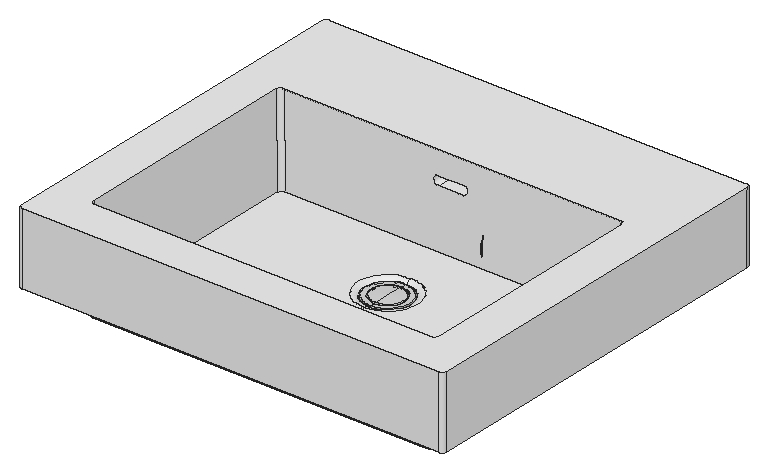
Revit family "Reece_Basin_Kado_Lux_Semi Inset_with Overflow_475 mm", category Plumbing Fixtures, host Face, Revit 2018
Family settings
  Host = Face
  Round Connector Dimension = Use Diameter
  Part Type = Normal
  Cut with Voids When Loaded = No
  Shared = Yes
  Room Calculation Point = Yes
Parameters (values of type "1 Taphole_Fine Fire Clay Ceramic_White")
  WFU = 0  # constant formula
  URL = "https://www.reece.com.au/product/-9507797"
  Type Comments = "Basin"
  Reece_Product_Web Page = "https://www.reece.com.au/product/-9507797"
  Reece_Product_Type = "Basin"  # constant formula
  Reece_Product_Sub Brand = "Lux"  # constant formula
  Reece_Product_Number = "9507797"
  Reece_Product_Mount = "Inset"  # constant formula
  Reece_Product_Description = "Kado Lux Semi Inset Basin 1 Taphole with Overflow White"
  Reece_Product_Brand = "Kado"  # constant formula
  Reece_Overall_Width = 475 mm  # constant formula
  Reece_Overall_Length = 430 mm  # constant formula
  Reece_Overall_Height = 80 mm  # constant formula
  Reece_Overall_Capacity = 7.00 L  # constant formula
  Reece_Material_Secondary = Reece_Brass_Chrome
  Reece_Material_Main = Reece_Acrylic_White
  Reece_Detail_Installation = "\tSemi Inset Basin"  # constant formula
  Reece_Detail_Disclaimer = "THIS FILE IS THE PROPERTY OF THE REECE GROUP. IT MAY NOT BE REPRODUCED, REVERSE-ENGINEERED, OR MODIFIED. ANY REPUBLICATION, TRANSMISSION, OR DISTRIBUTION FOR THE PURPOSE OF COMMERCIALLY EXPLOITING THE FILES IS PROHIBITED."  # constant formula
  Reece_Detail_Connector = "1 Taphole"  # constant formula
  Reece_Detail_Additional = "Integrated Overflow"  # constant formula
  Reece_Basin_Taphole 1 = yes
  Reece_Basin_Supply Diameter 1 = 35 mm  # constant formula
  Reece_Basin_Outlet = 40 mm  # constant formula
  Model = "Lux"
  Manufacturer = "Kado"
  Keynote = "Product #9507797, Reece_Basin_Kado_Lux_Semi Inset_with Overflow_475 mm - 1 Taphole_Fine Fire Clay Ceramic_White"
  HWFU = 0  # constant formula
  Disclaimer = "THIS FILE IS THE PROPERTY OF THE REECE GROUP. IT MAY NOT BE REPRODUCED, REVERSE-ENGINEERED, OR MODIFIED. ANY REPUBLICATION, TRANSMISSION, OR DISTRIBUTION FOR THE PURPOSE OF COMMERCIALLY EXPLOITING THE FILES IS PROHIBITED."  # constant formula
  Description = "Kado Lux Semi Inset Basin 1 Taphole with Overflow White"
  Default Elevation = 1000 mm
  CWFU = 0  # constant formula
Reference planes
  plane 1 "Center (Front/Back)": y = -79.125
  plane 2 "Bottom": z = 0
  plane 3 "Center (Left/Right)": x = 0
  plane 4: y = 135.875
  plane 5: x = 237.5
  plane 6: x = -237.5
  plane 7: y = -294.125
  plane 8: x = 0
  plane 9: z = 80
  plane 10: z = -70
Forms (mm)
  Extrusion 1, solid, material "Reece_Acrylic_White" <- "Reece_Material_Main"
    sketch origin (0, 0, 0) x (1, 0, 0) y (0, 1, 0)
      loop
        line (-237.5, 130.875) -> (-237.5, -289.125)
        arc (-237.5, -289.125) -> (-236.036, -292.66) -> (-232.5, -294.125) r 5
        line (-232.5, -294.125) -> (232.5, -294.125)
        arc (232.5, -294.125) -> (236.036, -292.66) -> (237.5, -289.125) r 5
        line (237.5, -289.125) -> (237.5, 130.875)
        arc (237.5, 130.875) -> (236.036, 134.411) -> (232.5, 135.875) r 5
        line (232.5, 135.875) -> (-232.5, 135.875)
        arc (-232.5, 135.875) -> (-236.036, 134.411) -> (-237.5, 130.875) r 5
    from 0 to 80
  Blend 2, void
    base sketch origin (3, 0, 0) x (1, 0, 0) y (0, 1, 0)
      loop
        line (-191, 5.875) -> (-191, -239.125)
        arc (-191, -239.125) -> (-189.536, -242.66) -> (-186, -244.125) r 5
        line (-186, -244.125) -> (180, -244.125)
        arc (180, -244.125) -> (183.536, -242.66) -> (185, -239.125) r 5
        line (185, -239.125) -> (185, 5.875)
        arc (185, 5.875) -> (183.536, 9.411) -> (180, 10.875) r 5
        line (180, 10.875) -> (-186, 10.875)
        arc (-186, 10.875) -> (-189.536, 9.411) -> (-191, 5.875) r 5
    top sketch origin (3, 0, 0) x (1, 0, 0) y (0, 1, 0)
      loop
        line (-196, 10.875) -> (-196, -244.125)
        arc (-196, -244.125) -> (-194.536, -247.66) -> (-191, -249.125) r 5
        line (-191, -249.125) -> (185, -249.125)
        arc (185, -249.125) -> (188.536, -247.66) -> (190, -244.125) r 5
        line (190, -244.125) -> (190, 10.875)
        arc (190, 10.875) -> (188.536, 14.411) -> (185, 15.875) r 5
        line (185, 15.875) -> (-191, 15.875)
        arc (-191, 15.875) -> (-194.536, 14.411) -> (-196, 10.875) r 5
    from -19 to 80
  Extrusion 3, void
    sketch origin (0, 0, 0) x (1, 0, 0) y (0, 1, 0)
      loop
        line (232.5, 135.875) -> (-232.5, 135.875)
        arc (-232.5, 135.875) -> (-236.036, 134.411) -> (-237.5, 130.875) r 5
        line (-237.5, 130.875) -> (-237.5, -289.125)
        arc (-237.5, -289.125) -> (-236.036, -292.66) -> (-232.5, -294.125) r 5
        line (-232.5, -294.125) -> (232.5, -294.125)
        arc (232.5, -294.125) -> (236.036, -292.66) -> (237.5, -289.125) r 5
        line (237.5, -289.125) -> (237.5, 130.875)
        arc (237.5, 130.875) -> (236.036, 134.411) -> (232.5, 135.875) r 5
    from 80 to -70
  Blend 4, solid, material "Reece_Acrylic_White" <- "Reece_Material_Main"
    base sketch origin (0, 0, 0) x (1, 0, 0) y (0, 1, 0)
      loop
        line (183, 20.875) -> (-183, 20.875)
        arc (-183, 20.875) -> (-193.607, 16.482) -> (-198, 5.875) r 15
        line (-198, 5.875) -> (-198, -239.125)
        arc (-198, -239.125) -> (-193.607, -249.731) -> (-183, -254.125) r 15
        line (-183, -254.125) -> (183, -254.125)
        arc (183, -254.125) -> (193.607, -249.731) -> (198, -239.125) r 15
        line (198, -239.125) -> (198, 5.875)
        arc (198, 5.875) -> (193.607, 16.482) -> (183, 20.875) r 15
    top sketch origin (0, 0, 0) x (1, 0, 0) y (0, 1, 0)
      loop
        arc (-188, 25.875) -> (-198.607, 21.482) -> (-203, 10.875) r 15
        line (-203, 10.875) -> (-203, -244.125)
        arc (-203, -244.125) -> (-198.607, -254.731) -> (-188, -259.125) r 15
        line (-188, -259.125) -> (188, -259.125)
        arc (188, -259.125) -> (198.607, -254.731) -> (203, -244.125) r 15
        line (203, -244.125) -> (203, 10.875)
        arc (203, 10.875) -> (198.607, 21.482) -> (188, 25.875) r 15
        line (188, 25.875) -> (-188, 25.875)
    from -30 to 80
  Revolve 5, void
    sketch origin (0, 0, -21.397) x (0, 1, 0) y (0, 0, 1)
      loop
        line (-74.125, 35) -> (-74.125, -48.603) -> (-49.125, -48.603) -> (-49.125, -1.603) -> (-48.054, -0.532)
        arc (-48.054, -0.532) -> (-44.809, 1.636) -> (-40.983, 2.397) r 10
        line (-40.983, 2.397) -> (-27.392, 2.397) -> (-27.392, 35) -> (-74.125, 35)
      axis (-74.125, 35) -> (-74.125, -48.603)
    angle from 0 to 360
  Revolve 6, solid, material "Reece_Brass_Chrome" <- "Reece_Material_Secondary"
    sketch origin (0, 0, -23.011) x (0, 1, 0) y (0, 0, 1)
      loop
        line (-96.459, -1.603) -> (-74.125, -1.603) -> (-74.125, 2.71)
        arc (-74.125, 2.71) -> (-82.783, 2.552) -> (-91.414, 1.852) r 137.99
        arc (-91.414, 1.852) -> (-91.921, 1.59) -> (-92.125, 1.057) r 0.8
        line (-92.125, 1.057) -> (-92.125, 0.264) -> (-93.125, 0.264) -> (-93.125, 1.769) -> (-98.625, 1.769)
        arc (-98.625, 1.769) -> (-99.087, 1.461) -> (-98.978, 0.916) r 0.5
        line (-98.978, 0.916) -> (-96.459, -1.603)
      axis (-74.125, 2.71) -> (-74.125, -1.603)
    angle from 0 to 360
  Revolve 7, solid, material "Reece_Acrylic_White" <- "Reece_Material_Main"
    sketch origin (0, 0, 0) x (0, 1, 0) y (0, 0, 1)
      loop
        line (-74.125, -30) -> (-104.125, -30) -> (-104.125, -67.5)
        arc (-104.125, -67.5) -> (-103.392, -69.268) -> (-101.625, -70) r 2.5
        line (-101.625, -70) -> (-74.125, -70) -> (-74.125, -30)
      axis (-74.125, -70) -> (-74.125, -30)
    angle from 0 to 360
  Extrusion 8, void
    sketch origin (0, 0, 0) x (1, 0, 0) y (0, 1, 0)
      loop
        line (222.5, 125.875) -> (-222.5, 125.875)
        arc (-222.5, 125.875) -> (-226.036, 124.411) -> (-227.5, 120.875) r 5
        line (-227.5, 120.875) -> (-227.5, -279.125)
        arc (-227.5, -279.125) -> (-226.036, -282.66) -> (-222.5, -284.125) r 5
        line (-222.5, -284.125) -> (222.5, -284.125)
        arc (222.5, -284.125) -> (226.036, -282.66) -> (227.5, -279.125) r 5
        line (227.5, -279.125) -> (227.5, 120.875)
        arc (227.5, 120.875) -> (226.036, 124.411) -> (222.5, 125.875) r 5
      loop
        line (184.364, 22.239) -> (-184.364, 22.239)
        arc (-184.364, 22.239) -> (-194.97, 17.846) -> (-199.364, 7.239) r 15
        line (-199.364, 7.239) -> (-199.364, -240.488)
        arc (-199.364, -240.488) -> (-194.97, -251.095) -> (-184.364, -255.488) r 15
        line (-184.364, -255.488) -> (184.364, -255.488)
        arc (184.364, -255.488) -> (194.97, -251.095) -> (199.364, -240.488) r 15
        line (199.364, -240.488) -> (199.364, 7.239)
        arc (199.364, 7.239) -> (194.97, 17.846) -> (184.364, 22.239) r 15
    from 0 to 70
  Sweep 9, solid, material "Reece_Acrylic_White" <- "Reece_Material_Main"
    path origin (0, 0, 0) x (0, 1, 0) y (0, 0, 1)
      loop
        line (-52.522, -45.326) -> (15.452, -42.952)
        arc (15.452, -42.952) -> (28.822, -37.181) -> (34.733, -23.873) r 20
        line (34.733, -23.873) -> (39.149, 73.276)
    profile origin (0, 36.941, 24.702) x (0, -0.998969, 0.045408) y (1, 0, 0)
      loop
        line (19.625, -22.504) -> (19.625, 22.504) -> (2.815, 19.503)
        arc (2.815, 19.503) -> (-0.206, 18.172) -> (-2.281, 15.604) r 6.997
        arc (-2.281, 15.604) -> (-3.402, 14.075) -> (-5.012, 13.072) r 5
        arc (-5.012, 13.072) -> (-14, 0) -> (-5.012, -13.072) r 14
        arc (-5.012, -13.072) -> (-3.402, -14.075) -> (-2.281, -15.604) r 5
        arc (-2.281, -15.604) -> (-0.206, -18.172) -> (2.815, -19.503) r 6.997
        line (2.815, -19.503) -> (19.625, -22.504)
  Extrusion 10, void
    sketch origin (0, -79.125, 0) x (1, 0, 0) y (0, 0, 1)
      loop
        line (-14, 45) -> (14, 45)
        arc (14, 45) -> (19, 50) -> (14, 55) r 5
        line (14, 55) -> (-14, 55)
        arc (-14, 55) -> (-19, 50) -> (-14, 45) r 5
    from -109.339 to -92.409
  Revolve 11, void
    sketch origin (0, 0, 0) x (0, 1, 0) y (0, 0, 1)
      loop
        line (-74.125, 2.457) -> (-99.125, 2.457) -> (-99.125, -70) -> (-74.125, -70) -> (-74.125, 2.457)
      axis (-74.125, 2.457) -> (-74.125, -70)
    angle from 0 to 360
  Sweep 12, void
    path origin (0, 0, 0) x (0, 1, 0) y (0, 0, 1)
      loop
        line (-56.009, -45.219) -> (16.885, -42.673)
        arc (16.885, -42.673) -> (30.255, -36.902) -> (36.167, -23.594) r 20
        line (36.167, -23.594) -> (40.026, 61.319)
    profile origin (0, -19.562, -43.946) x (0, -0.034899, 0.999391) y (1, 0, 0)
      loop
        circle (0, 0) r 11.5
Cuts and joins
  Blend 2, Revolve 5, Extrusion 8, Extrusion 10, Revolve 11, Sweep 12 cuts Extrusion 1
  Blend 2, Revolve 5, Extrusion 10, Revolve 11, Sweep 12 cuts Blend 4
  Extrusion 10, Revolve 11, Sweep 12 cuts Revolve 7
  Extrusion 10, Revolve 11, Sweep 12 cuts Sweep 9
  joined: Extrusion 1, Blend 4, Revolve 7, Sweep 9
Lines and regions (mm)
  model lines, style "PlumbingFixtures", visible <- "Reece_Basin_Taphole 1"
    curve 1: circle (0, 75.875, 80) r 15 normal (0, 0, 1)
Text (mm)
  text "Reece ©" at (-1108.834, -679.227, 0), in view "Ref. Level"
  text "Reece ©" at (44.384, 258.95, 192.345), in view "Reece Preview"
Dimensions and locks
  equal spacing: plane 6, plane 3 "Center (Left/Right)", plane 5
  "Reece_Overall_Width": plane 6 to plane 5
  "Reece_Overall_Length": plane 4 to plane 7
  equal spacing: plane 4, plane 1 "Center (Front/Back)", plane 7
  "Reece_Overall_Height": plane 9 to host face
  "Reece_Overall_Width": plane 6 to cut or joined group 1 (Extrusion 1, Blend 2, Blend 4, Revolve 5, Revolve 7, Extrusion 8, Sweep 9, Extrusion 10, Revolve 11, Sweep 12)
  aligned and locked: host face to plane 2 "Bottom"
  aligned and locked: level to host face
Automatic sketch dimensions
  host sketch curve to host sketch curve = 696.216 mm
  host sketch curve to host sketch curve = 618.927 mm
  Extrusion 1 sketch curve to plane 6 = 0 mm
  plane 7 to Extrusion 1 sketch curve = 0 mm
  Extrusion 1 sketch curve to plane 4 = 0 mm
  Extrusion 1 sketch curve to plane 5 = 0 mm
  Extrusion 1 sketch curve to plane 5 = 5 mm
  Extrusion 1 sketch curve to plane 4 = 5 mm
  Extrusion 1 sketch curve to plane 6 = 5 mm
  Extrusion 1 sketch curve to Extrusion 1 sketch curve = 5 mm
  Blend 2 sketch curve to Blend 2 sketch curve = 5 mm  (x7)
  Blend 2 sketch curve to Blend 2 sketch curve = 0 mm
  Blend 2 sketch curve to plane 7 = 50 mm
  Blend 2 sketch curve to plane 7 = 45 mm
  curve 1 to Extrusion 1 = 60 mm
  curve 1 to Extrusion 1 = 237.5 mm
  Blend 2 sketch curve to plane 5 = 54.5 mm
  Blend 2 sketch curve to plane 5 = 49.5 mm  (x2)
  Blend 2 sketch curve to plane 6 = 54.5 mm
  Blend 2 sketch curve to plane 6 = 49.5 mm
  Blend 2 sketch curve to plane 1 "Center (Front/Back)" = 85 mm
  Blend 2 sketch curve to plane 1 "Center (Front/Back)" = 90 mm
  Extrusion 3 sketch curve to plane 6 = 0 mm
  Extrusion 3 sketch curve to plane 4 = 0 mm
  Extrusion 3 sketch curve to plane 5 = 5 mm  (x2)
  Extrusion 3 sketch curve to plane 6 = 5 mm
  Extrusion 3 sketch curve to plane 4 = 5 mm
  Extrusion 3 sketch curve to plane 5 = 0 mm
  plane 7 to Extrusion 3 sketch curve = 0 mm
  Blend 4 sketch curve to plane 6 = 39.5 mm
  Blend 4 sketch curve to Blend 4 sketch curve = 15 mm  (x6)
  Blend 4 sketch curve to plane 5 = 54.5 mm  (x2)
  Blend 4 sketch curve to plane 7 = 40 mm
  Blend 4 sketch curve to plane 1 "Center (Front/Back)" = 85 mm
  Blend 4 sketch curve to plane 6 = 34.5 mm
  Blend 4 sketch curve to plane 5 = 49.5 mm  (x2)
  Blend 4 sketch curve to plane 7 = 35 mm
  Blend 4 sketch curve to plane 1 "Center (Front/Back)" = 90 mm
  plane 10 to Revolve 5 sketch curve = 0 mm
  Revolve 5 sketch curve to plane 1 "Center (Front/Back)" = 5 mm  (x2)
  Revolve 5 sketch curve to Revolve 5 sketch curve = 25 mm
  Revolve 5 sketch curve to Revolve 5 sketch curve = 1.071 mm  (x2)
  Revolve 5 sketch curve to Revolve 5 sketch curve = 7.071 mm
  level to Revolve 5 sketch curve = 13.603 mm
  Revolve 5 sketch curve to Revolve 5 sketch curve = 13.59 mm
  Revolve 5 sketch curve to level = 29 mm
  Revolve 5 sketch curve to Revolve 5 sketch curve = 6 mm
  plane 10 to Revolve 5 sketch curve = 256.197 mm
  Revolve 5 sketch curve to plane 9 = 235.036 mm
  plane 1 "Center (Front/Back)" to Revolve 6 sketch curve = 19.854 mm
  Revolve 6 sketch curve to Revolve 6 sketch curve = 0.354 mm  (x2)
  Revolve 6 sketch curve to Revolve 6 sketch curve = 2.519 mm  (x2)
  Revolve 6 sketch curve to Revolve 6 sketch curve = 3.335 mm
  Revolve 6 sketch curve to Revolve 6 sketch curve = 1 mm
  Revolve 6 sketch curve to Revolve 6 sketch curve = 0.8 mm
  Revolve 6 sketch curve to plane 1 "Center (Front/Back)" = 3.188 mm
  Revolve 6 sketch curve to plane 1 "Center (Front/Back)" = 5 mm  (x2)
  plane 10 to Revolve 6 sketch curve = 88.278 mm
  Revolve 6 sketch curve to level = 24.613 mm
  Revolve 6 sketch curve to Revolve 6 sketch curve = 1.867 mm
  Revolve 6 sketch curve to Revolve 6 sketch curve = 0.793 mm
  Revolve 6 sketch curve to Revolve 6 sketch curve = 4.313 mm
  plane 10 to Revolve 6 sketch curve = 23.011 mm
  level to Revolve 6 sketch curve = 1.989 mm
  Extrusion 8 sketch curve to plane 6 = 10 mm
  Extrusion 8 sketch curve to plane 4 = 10 mm
  Extrusion 8 sketch curve to plane 7 = 10 mm
  Extrusion 8 sketch curve to plane 5 = 10 mm
  Extrusion 8 sketch curve to plane 6 = 15 mm  (x2)
  Extrusion 8 sketch curve to plane 5 = 15 mm  (x2)
  Extrusion 8 sketch curve to plane 6 = 38.136 mm
  Extrusion 8 sketch curve to Extrusion 8 sketch curve = 15 mm  (x3)
  Extrusion 8 sketch curve to plane 5 = 53.136 mm  (x2)
  Extrusion 8 sketch curve to plane 7 = 38.636 mm
  Extrusion 8 sketch curve to plane 1 "Center (Front/Back)" = 86.364 mm
  Extrusion 10 sketch curve to plane 3 "Center (Left/Right)" = 14 mm
  plane 3 "Center (Left/Right)" to Extrusion 10 sketch curve = 14 mm
  plane 9 to Extrusion 10 sketch curve = 35 mm
  Extrusion 10 sketch curve to Extrusion 10 sketch curve = 5 mm
  Sweep 9 sketch curve to plane 3 "Center (Left/Right)" = 0 mm
  Sweep 9 sketch curve to profile plane = 0 mm
  profile plane to Sweep 9 sketch curve = 6.802 mm  (x2)
  Sweep 9 sketch curve to profile plane = 2.815 mm  (x2)
  Sweep 9 sketch curve to profile plane = 4.045 mm  (x2)
  Sweep 9 sketch curve to Sweep 9 sketch curve = 5.127 mm  (x2)
  Sweep 9 sketch curve to Sweep 9 sketch curve = 6.888 mm  (x2)
  Sweep 9 sketch curve to Sweep 9 sketch curve = 0 mm  (x4)
  Sweep 9 sketch curve to Sweep 9 sketch curve = 2.731 mm
  Sweep 9 sketch curve to Sweep 9 sketch curve = 16.81 mm
  Sweep 9 sketch curve to Sweep 9 sketch curve = 3.002 mm  (x2)
  plane 10 to Revolve 11 sketch curve = 0 mm  (x2)
  plane 1 "Center (Front/Back)" to Revolve 11 sketch curve = 20 mm
  Revolve 11 sketch curve to plane 1 "Center (Front/Back)" = 5 mm  (x2)
  level to Revolve 11 sketch curve = 2.457 mm
  Revolve 11 sketch curve to Revolve 11 sketch curve = 27.07 mm
  Sweep 9 sketch curve to level = 22.965 mm
  Sweep 9 sketch curve to plane 1 "Center (Front/Back)" = 93.879 mm
  Sweep 9 sketch curve to plane 10 = 27.048 mm
  Sweep 9 sketch curve to Sweep 9 sketch curve = 0.698 mm
  Sweep 9 sketch curve to level = 23.873 mm
  Sweep 9 sketch curve to plane 1 "Center (Front/Back)" = 26.603 mm
  plane 9 to Sweep 9 sketch curve = 6.724 mm
  Sweep 9 sketch curve to plane 4 = 96.726 mm
  Sweep 9 sketch curve to plane 10 = 24.674 mm
  Sweep 12 sketch curve to level = 22.686 mm
  Sweep 12 sketch curve to plane 1 "Center (Front/Back)" = 95.312 mm
  Sweep 12 sketch curve to plane 10 = 27.327 mm
  Sweep 12 sketch curve to Sweep 12 sketch curve = 0.698 mm
  Sweep 12 sketch curve to level = 23.594 mm
  Sweep 12 sketch curve to plane 1 "Center (Front/Back)" = 23.115 mm
  plane 9 to Sweep 12 sketch curve = 18.681 mm
  Sweep 12 sketch curve to Sweep 12 sketch curve = 3.86 mm
  Sweep 12 sketch curve to plane 10 = 24.781 mm
  Sweep 12 sketch curve to profile plane = 0 mm  (x2)
  plane 10 to Revolve 7 sketch curve = 0 mm  (x2)
  plane 1 "Center (Front/Back)" to Revolve 7 sketch curve = 25 mm
  Revolve 7 sketch curve to plane 1 "Center (Front/Back)" = 5 mm  (x2)
  Revolve 7 sketch curve to plane 10 = 2.5 mm
  Revolve 7 sketch curve to level = 30 mm
  plane 9 to Revolve 7 sketch curve = 25 mm
  radius of curve 1 = 15 mm
  radius of Sweep 12 sketch curve = 11.5 mm
Connectors
  piping at (0, -74.125, -70), diameter 40, driven by "Reece_Basin_Outlet"
    settings: on cut or joined group 1, index 1, connector inside diameter 609.6 mm, connector length 0 mm, flow factor 0, pipe flow 0.0 L/s, pressure drop 0.0 Pa, fitting loss kfactor 0, connector angle 0.00°, fixture units 0, engagement length 0 mm, angle of deflection 0.00°, flow configuration 0, flow direction 2, fitting loss method 0, system type 16, joint type 0, gender type 0, connector reference index -1, connector utility 0, adjustable connector no, is connector primary yes, connector description ""
